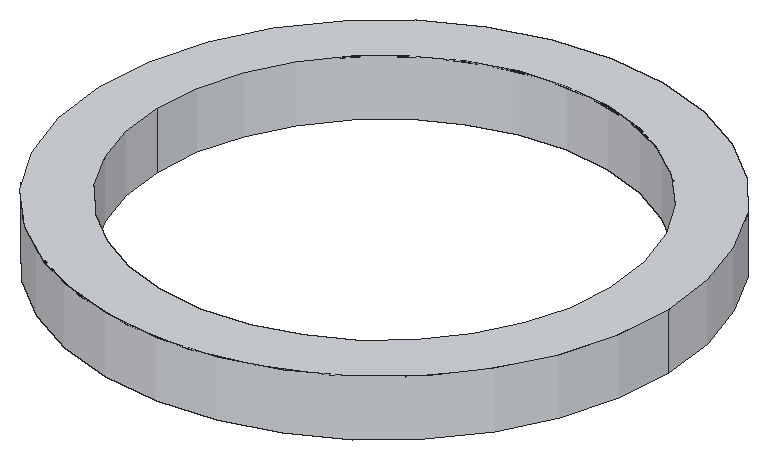
Revit family "LR3", category Generic Models, Revit 2017
Family settings
  Can host rebar = No
  Round Connector Dimension = Use Diameter
  Part Type = Normal
  Work Plane-Based = Yes
  Always vertical = No
  Cut with Voids When Loaded = No
  Shared = No
  Room Calculation Point = No
Parameters (values of type "NBS Standard Parameters")
  Weight = "0.016Kg"
  WarrantyStartDate [instance] = "1900-12-31T23:59:59"
  WarrantyGuarantorParts = "n/a"
  WarrantyGuarantorLabor = "n/a"
  WarrantyDurationUnit = "1 year"
  WarrantyDurationParts = "n/a"
  WarrantyDurationLabor = "n/a"
  WarrantyDescription = "n/a"
  Version = "1"
  Uniclass2 = "Pr_65_70_11_20"
  TagNumber [instance] = "n/a"
  SustainabilityPerformance = "n/a"
  Size = "32mm"
  Shape = "Circular"
  SerialNumber [instance] = "n/a"
  Revision = "n/a"
  ReplacementCost = "n/a"
  ProductInformation = "www.metpro.co.uk/pdf/Lr3.pdf"
  NominalWidth = 40 mm
  NominalLength = 40 mm
  NominalHeight = 4 mm
  Name = ""
  NBSTypeID = ""
  NBSReference = "90-55-10/460"
  NBSOfficeMasterTag = ""
  NBSNote = ""
  NBSDescription = "Conduit Fittings"
  NBSCertification = ""
  ModelReference = "LR3"
  ModelNumber = "n/a"
  Model = "Compliant to LU Standard 1-085"
  Material = "Steel"
  ManufacturerURL = "www.metpro.co.uk"
  ManufacturerName = "Metpro Ltd"
  InstallationDate [instance] = "1900-12-31T23:59:59"
  IfcExportType = ""
  IfcExportAs = ""
  Grade = "n/a"
  Finish = "BZP"
  Features = "n/a"
  ExpectedLife = "n/a"
  DurationUnit = "year"
  Description = "LR3   32mm  Milled Edge Lockring"
  Default Elevation = 1219.2 mm
  Constituents = "n/a"
  Color = "n/a"
  CodePerformance = "n/a"
  Category = "n/a"
  BarCode [instance] = "n/a"
  BIMObjectName = "Metpro_Metprolibrary_Conduitfittings_metalcomponents_steelaccessories"
  Author = "Metpro Ltd"
  AssetType = ""
  AssetIdentifier [instance] = "n/a"
  AccessibilityPerformance = "n/a"
Reference planes
  plane 1 "Center (Front/Back)": y = 0
  plane 2: z = 0
  plane 3 "Center (Left/Right)": x = 0
Forms (mm)
  Extrusion 1, solid
    sketch origin (0, 0, 0) x (1, 0, 0) y (0, 1, 0)
      loop
        circle (0, 0) r 20
      loop
        circle (0, 0) r 16
    from 0 to 4
Dimensions and locks
  aligned and locked: level to plane 2
